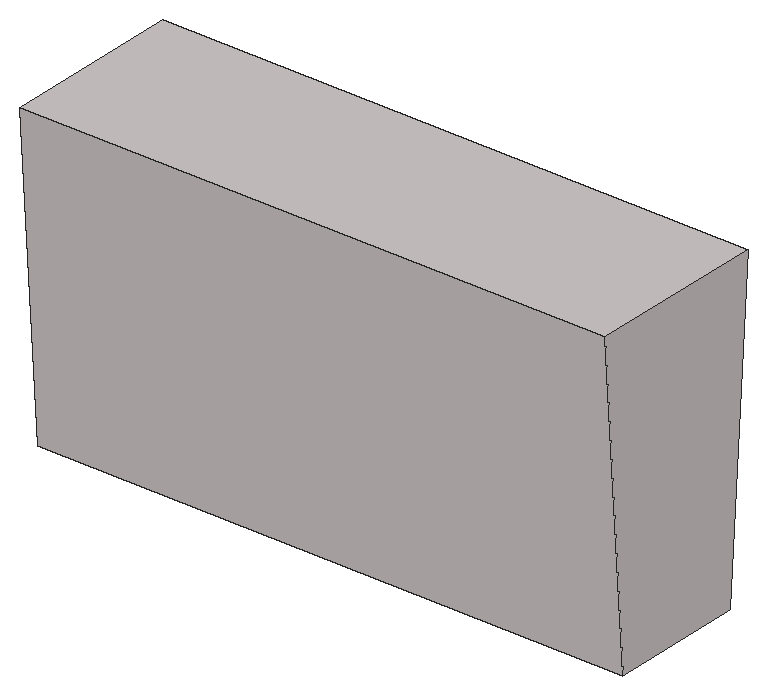
Revit family "M_Pré-moldado-Viga em forma de cone", category Quadro estrutural, Revit 2019
Family settings
  Exibir em vistas ocultas = Arestas ocultadas por outros membros
  Arredondamento do comprimento do framing estrutural = 0.0 mm
  Forma do corte = Não definido
  Material para o comportamento do modelo = Concreto pré-moldado
  Exportar sempre como geometria = Não
  Número OmniClass = 23.25.30.11.14.14
  Título OmniClass = Beams
  ID de item do Seek = Precast-Cone Shaped Beam-0000-CAN-ENU
  Sempre na vertical = Sim
  Corte com vazios quando carregada = Não
  Representação simbólica = Da família
  Compartilhado = Não
  Exibir o pré-corte da família na vista da planta = Sim
Parameters (values of type "300-400x700")
  Largura superior = 400.0 mm
  Peso da vara de tirante [instance] = 30
  Vara de tirante W [instance] = (Peso da vara de tirante) * 9.80 kN / 1000  # 0.294 kN
  Structural Material [instance] = Concreto - Moldado in loco - 35 MPa
  Peso do vergalhão simples [instance] = 50
  Vergalhão em W simples [instance] = (Peso do vergalhão simples * 9.80 kN) / 1000  # 0.49 kN
  Peso das grades de vergalhão [instance] = 100
  Grades de vergalhão W [instance] = (Peso das grades de vergalhão * 9.80 kN) / 1000  # 0.98 kN
  Linear = 700.0 mm
  Largura inferior = 300.0 mm
  Assembly Code = ""
  Length [instance] = 1500.0 mm
Reference planes
  plane 1 "Centro (Frente/Trás)": y = 0
  plane 2: z = 0
  plane 3 "Centro (Esquerda/Direita)": x = 0
  plane 4 "Membro esquerdo": x = -654.019
  plane 5 "Membro direito": x = 654.019
  plane 6 "Esquerda": x = -754.019
  plane 7 "Direita": x = 745.981
  plane 8: z = 350
  plane 9: y = -200
  plane 10: y = 200
  plane 11: z = -350
  plane 12: y = 150
  plane 13: y = -150
Forms (mm)
  Sweep 1, solid, material "Concreto - Moldado in loco - 35 MPa" <- "Structural Material"
    path origin (0, 374, 0) x (1, 0, 0) y (0, 1, 0)
      loop
        line (-654.019, -374) -> (654.019, -374)
    profile origin (0, 0, 0) x (0, 1, 0) y (0, 0, 1)
      loop
        line (-150, -350) -> (150, -350) -> (200, 350) -> (-200, 350) -> (-150, -350)
Dimensions and locks
  "Length": plane 6 "Esquerda" to plane 7 "Direita"
  locked: level to plane 2 at 0
  equal spacing: plane 10, plane 1 "Centro (Frente/Trás)", plane 9
  "Largura superior": plane 10 to plane 9
  equal spacing: plane 8, plane 2, plane 11
  "Linear": plane 8 to plane 11
  equal spacing: plane 12, plane 1 "Centro (Frente/Trás)", plane 13
  "Largura inferior": plane 12 to plane 13
  aligned and locked: plane 1 "Centro (Frente/Trás)" to Sweep 1 sketch curve
  aligned and locked: Sweep 1 sketch curve to plane 8
  aligned and locked: plane 11 to Sweep 1 sketch curve
  aligned and locked: plane 10 to Sweep 1 sketch curve
  aligned and locked: plane 9 to Sweep 1 sketch curve
  aligned and locked: plane 13 to Sweep 1 sketch curve
  aligned and locked: plane 12 to Sweep 1 sketch curve
  aligned and locked: plane 4 "Membro esquerdo" to Sweep 1 sketch curve
  aligned and locked: plane 5 "Membro direito" to Sweep 1 sketch curve
